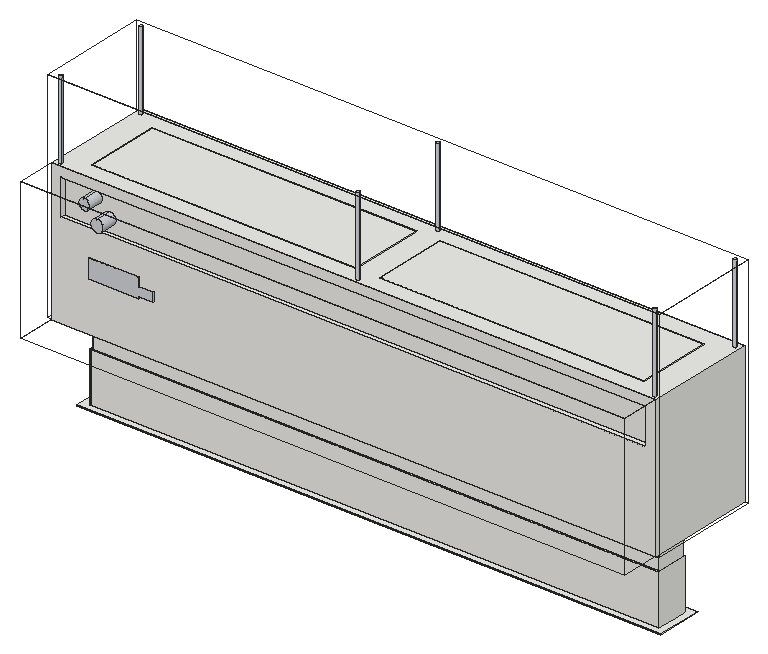
Revit family "AIRTECNICS_AIR CURTAIN_INVISAIR_DX-VRF_(LG)123", category Mechanical Equipment, Revit 2016
Family settings
  Part Type = Normal
  Round Connector Dimension = Use Diameter
  OmniClass Number = 23.75.70.21.17
  OmniClass Title = Air Curtains
  Work Plane-Based = No
  Always vertical = Yes
  Cut with Voids When Loaded = No
  Shared = No
  Room Calculation Point = No
Parameters (values of type "IECG 1500 DX15-LG")
  · POSITION · [instance] = "-/ Select Curtain Position /-"  # constant formula
  · PIPES POSITION · [instance] = "-/ Select Pipes Position /-"  # constant formula
  · OTHERS · [instance] = "-/ Select Supports - Inst.Maint. Space /-"  # constant formula
  · KITS CONFIGURATION · [instance] = "-/ Configure Length Kit /-"  # constant formula
  · HEATING · = "-/ Select Heating /-"  # constant formula
  · EXTERNAL UNIT · [instance] = "-/ Select External Unit Type /-"  # constant formula
  · COIL ROWS · = "-/ Select DX Coil Rows /-"  # constant formula
  Weight [instance] = size_lookup(Name_Lookup_Data, "Weight", 1.00 kg, CM, CT, CH, CR)  # 69.00 kg
  Voltage [instance] = 230 V  # constant formula
  URL_Manufacturer = "https://www.airtecnics.com/"
  URL_Datasheet = "https://www.airtecnics.com/download/file/5871/invisair-dx-lg-1-1-and-vrf.pdf"
  Triple Phase (External Ut.) [instance] = no
  Supports Length [instance] = 200.0 mm
  Supports (Horizontal) [instance] = yes
  Special Installation [instance] = no
  Single Phase (External Ut.) [instance] = not([Triple Phase (External Ut.)])  # yes
  Revit Version = "Revit 2016 - English"  # constant formula
  Review Date = "11/2018"  # constant formula
  Remote Control = "-"  # constant formula
  URL = "https://www.airtecnics.com/products/heat-pump-air-curtain-invisair-dx-for-lg"
  Refrigerant Pipes_P4 [instance] = no
  Refrigerant Pipes_P3 [instance] = no
  Refrigerant Pipes_P2 (Stn) [instance] = if(or(Refrigerant Pipes_P1, Refrigerant Pipes_P3, Refrigerant Pipes_P4), 1 = 0, 1 = 1)  # yes
  Refrigerant Pipes_P1 [instance] = no
  Product Size = if(L = 1500.0 mm, "1500", if(L = 2000.0 mm, "2000", "2500"))  # "1500"
  Product Reference [instance] = size_lookup(Name_Lookup_Ref, "", "Consult Manufacturer", CM, CT, CH, CR)  # "IECG 1500 DX15-LG"
  Product Heating [instance] = if(DX 1:1, "Direct Expansion 1:1 system", "Direct Expansion VRF system")  # "Direct Expansion 1:1 system"
  Product Description [instance] = size_lookup(Name_Lookup_Data, "", "Consult Manufacturer", CM, CT, CH, CR)  # "Energy saving heat pump air curtain: Up to 70% reduction in costs and CO2 emissions (heating mode).\r\nSpecially designed for applications where the body of the air curtain is to be installed inside a column or bulkhead for architectural reasons. It can be vertically or horizontally mounted.\r\nSelf-supporting casing construction made of galvanized steel plate, finished in structural epoxy-polyester painting white colour RAL9016 as standard. Other colours or stainless steel are available on request. \r\nThe air flow of Invisair follows a straight line from the air inlet grille to the to the discharge. Inlet area inside a bulkhead or column should be designed with suitable grille provided by others.\r\nAnodized aluminium outlet vanes, airfoil shaped, adjustable from 0 to 15º each side.\r\nDouble-inlet centrifugal fans driven by an external rotor motor and low noise level. 5-speed selector. EC models assembled with very low consumption efficiency fans. \r\nIncludes only heating direct expansion coil with installed temperature sensors.\r\nPlug&Play control panel CS-5DX-NE slave DX with 5 speeds selector and 7m telephone cable included.\r\nReady to connect to LG Inverter outdoor heat pump unit (R410A) with expansion valve, not included, the customer should purchase it.\r\nRequires PAHCMRA000 LG DX Interface KIT adapted for air curtain and PREMTB001 programmable control, please consult.\r\nAir Volume: 2920 m3/h \r\nFans:  0,284 kW  2,48 A 230Vx1 50/60Hz\r\nHeating capacity: 15,32 kW\r\nDimensions: 285x570/620x1550 mm (depth, height, length), including telescopic outlet for easy installation.\r\nNOT SUPPLIED BY AIRTÈCNICS:\r\nPAHCMRA000 Interface DX kit and PREMTB001 programmable control.\r\nExternal unit:\r\nOption 1: UU48W U32\r\nExternal unit with direct expansion valve LG, single phase motor 230Vx1 50Hz.\r\nHeating capacity 15,4kW. Heating power: 4,39kW. COP 3,5.\r\nCooling capacity 14kW. Cooling power 4,1kW. EER 3,41.\r\nCooling circuits 5/8\" - 3/8\".\r\nMinimum length 5m.\r\nMaximum length 75m.\r\nMaximum slope 30m.\r\nOption 2: UU49W U32\r\nExternal unit with direct expansion valve LG, triple phase motor 400Vx3 50Hz.\r\nHeating capacity 15,4kW. Heating power: 4,39kW. COP 3,5.\r\nCooling capacity 14kW. Cooling power 4,1kW. EER 3,41.\r\nCooling circuits 5/8\" - 3/8\".\r\nMinimum length 5m.\r\nMaximum length 75m.\r\nMaximum slope 30m."
  Power Fans Factor [instance] = size_lookup(Name_Lookup_Data, "Power Fans Factor", 1, CM, CT, CH, CR)  # 0.5
  Power Fans [instance] = size_lookup(Name_Lookup_Data, "Power Fans", 1 kW, CM, CT, CH, CR)  # 0.284 kW
  P = 1 = 1  # yes
  Outlet Kit Length [instance] = 210.0 mm
  Noise Level (dB(A)) [instance] = size_lookup(Name_Lookup_Data, "Noise Level (dB(A))", 1, CM, CT, CH, CR)  # 62
  Name_Lookup_Ref_EU = "INVISAIR_(DX)_LG_Ref_EU_Lookup"  # constant formula
  Name_Lookup_Ref = "INVISAIR_(DX)_LG_Ref_Lookup"  # constant formula
  Name_Lookup_Data3 = "INVISAIR_(DX)_LG_Mainfolds_Lookup"  # constant formula
  Name_Lookup_Data2 = "INVISAIR_(DX)_LG_ExpValve_Lookup"  # constant formula
  Name_Lookup_Data = "INVISAIR_(DX)_LG_Data_Lookup"  # constant formula
  Model = "Air Curtain Invisair DX/VRF LG"  # constant formula
  Material Grille = AIRTECNICS_Perforated_Invisair_White RAL 9016
  Material Curtain [instance] = AIRTECNICS_White RAL 9016
  Mainfolds [instance] = size_lookup(Name_Lookup_Data3, "", "Consult Manufacturer", CM, CT, CH, CR)  # "5/8 & 3/8"
  Length = if(L > 1500.0 mm, L + 55.0 mm, L + 50.0 mm)  # 1550.0 mm
  Kits Range [instance] = "Min. 210 mm / Max. 260 mm"  # constant formula
  Height [instance] = 570.0 mm + Outlet Kit Length - 210.0 mm + Depth - Depth  # 570.0 mm
  Heating Capacity [instance] = size_lookup(Name_Lookup_Data, "Heating Capacity", 1 kW, CM, CT, CH, CR)  # 15.32 kW
  Gas Coil Volume [instance] = size_lookup(Name_Lookup_Data, "Gas Coil Volume", 1.00 m³, CM, CT, CH, CR)  # 0.003 m³
  G = 1 = 1  # yes
  Frequency = 50 Hz  # constant formula
  Fans Stage = 5  # constant formula
  Family Version = "1.0"  # constant formula
  External Ut. Reference [instance] = size_lookup(Name_Lookup_Ref_EU, "", "Consult Manufacturer", CM, CT, CH, CR, CEU)  # "UU48W U32"
  Expansion Valve [instance] = size_lookup(Name_Lookup_Data2, "", "Consult Manufacturer", CM, CT, CH, CR)  # "Included on External Unit"
  EC = 1 = 1  # yes
  Dn_Metric_Refrig_Liquid [instance] = size_lookup(Name_Lookup_Data3, "Dn_Liquid", 1 mm, CM, CT, CH, CR)  # 10 mm
  Dn_Metric_Refrig_Gas [instance] = size_lookup(Name_Lookup_Data3, "Dn_Gas", 1 mm, CM, CT, CH, CR)  # 16 mm
  Depth = 285.0 mm  # constant formula
  DX VRF = not(DX 1:1)  # no
  DX Kit [instance] = "PAHCMR000"  # constant formula
  DX Controller [instance] = "PREMTB001"  # constant formula
  DX Coil Rows = 4 = yes
  DX Coil Rows = 3 = not([DX Coil Rows = 4])  # no
  DX 1:1 = yes
  Current Fans [instance] = size_lookup(Name_Lookup_Data, "Current Fans", 1 A, CM, CT, CH, CR)  # 2.48 A
  Created by = "BIMETRICAL"  # constant formula
  Control [instance] = "CS-5DX-NE"  # constant formula
  Capacity_Frig_Liquid [instance] = 0.0 L/s
  Capacity_Frig_Gas [instance] = 0.0 L/s
  Cable = "CB7"  # constant formula
  CT [instance] = if(L = 1000.0 mm, 2, 0) + if(L = 1500.0 mm, 4, 0) + if(L = 2000.0 mm, 8, 0) + if(L = 2500.0 mm, 16, 0) + if(L = 3000.0 mm, 32, 0)  # 4
  CR [instance] = if([DX Coil Rows = 3], 4, 2)  # 2
  CM [instance] = 12  # constant formula
  CH [instance] = if(DX 1:1, 2, 4)  # 2
  CEU [instance] = if([Single Phase (External Ut.)], 2, 4)  # 2
  Aspiration/Maintenance Space [instance] = yes
  Apparent Load [instance] = size_lookup(Name_Lookup_Data, "Apparent Load", 1 VA, CM, CT, CH, CR)  # 568 VA
  Airflow [instance] = size_lookup(Name_Lookup_Data, "Airflow", 1 m³/h, CM, CT, CH, CR)  # 2920 m³/h
  L = 1500.0 mm
  Type Image = <None>
  IfcExportType = "DXCOOLINGCOIL"  # constant formula
  IfcExportAs = "IfcCoilType"  # constant formula
  Horizontal [instance] = 1 = 1  # yes
  Manufacturer = "AIRTECNICS"  # constant formula
  Description = ""
  Type Comments = "Energy saving heat pump air curtain: Up to 70% reduction in costs and CO2 emissions (heating mode).\r\nSpecially designed for applications where the body of the air curtain is to be installed inside a column or bulkhead for architectural reasons. It can be vertically or horizontally mounted.\r\nSelf-supporting casing construction made of galvanized steel plate, finished in structural epoxy-polyester painting white colour RAL9016 as standard. Other colours or stainless steel are available on request. \r\nThe air flow of Invisair follows a straight line from the air inlet grille to the to the discharge. Inlet area inside a bulkhead or column should be designed with suitable grille provided by others.\r\nAnodized aluminium outlet vanes, airfoil shaped, adjustable from 0 to 15º each side.\r\nDouble-inlet centrifugal fans driven by an external rotor motor and low noise level. 5-speed selector. EC models assembled with very low consumption efficiency fans. \r\nIncludes only heating direct expansion coil with installed temperature sensors.\r\nPlug&Play control panel CS-5DX-NE slave DX with 5 speeds selector and 7m telephone cable included.\r\nDX 1:1:\r\nReady to connect to LG Inverter outdoor heat pump unit (R410A) with expansion valve, not included, the customer should purchase it.\r\nRequires  LG DX Interface KIT adapted for air curtain and  programmable control, please consult.\r\nDX VRF:\r\nReady to connect to LG VRF outdoor heat pump unit (R410A) and  expansion valve not included, the customer should purchase it.\r\nRequires  LG VRF Interface KIT adapted for air curtain and  programmable control, please consult."  # constant formula
  BIMETRICAL Category = "Coil"  # constant formula
  BIMETRICAL = "http://www.bimetrical.com"  # constant formula
Reference planes
  plane 1 "Centro (Frontal/Posterior)": z = 0
  plane 2: y = 246.57
  plane 3 "Centro (Izquierda/Derecha)": x = 0
Dimensions and locks
  aligned and locked: plane 1 "Centro (Frontal/Posterior)" to nested 1
Nested families
  nested 1: "GEOM_INVISAIR_(DX)" at (0, 246.57, 0), Outlet Kit Lenght <- "Outlet Kit Length", Supports (Horizontal) <- "Supports (Horizontal)", Aspiration/Maintenance Space <- "Aspiration/Maintenance Space", P1 <- "Refrigerant Pipes_P1", P3 <- "Refrigerant Pipes_P3", P4 <- "Refrigerant Pipes_P4", SPCI <- "Special Installation", type "GEOM_INVISAIR_(DX)"
    with Vertical Right no, Vertical Left no, VSUP yes, VPE no, VPD no, Supports (Horizontal) yes, STNI yes, SPCI no, P4 no, P3 no, P2 yes, P1 no, Outlet Kit Lenght 210.0 mm, OKL 210.0 mm, L3 10.0 mm, L2 10.0 mm, L1 176.22 mm, Horizontal yes, C_P 2, C_L 2, CH_4 235.0 mm, CH_3 37.0 mm, CH_2 139.0 mm, CH_1 275.86 mm, CC_4 50.0 mm, CC_3 221.89 mm, CC_2 106.0 mm, CC_1 313.83 mm, Aspiration/Maintenance Space yes, AH -90.00°, AC -90.00°
Connectors
  piping at (-669, 77.18, 313.889), diameter 10, driven by "Capacity_Frig_Liquid", driven by "Dn_Metric_Refrig_Liquid"
    settings: on nested 1, index 1, connector inside diameter 609.6 mm, connector length 0.0 mm, flow factor 0, pipe flow 0.0 L/s, pressure drop 0.0 Pa, fitting loss kfactor 0, connector angle 0.00°, fixture units 0, engagement length 0.0 mm, angle of deflection 0.00°, flow configuration 1, flow direction 2, fitting loss method 0, system type 8, joint type 0, gender type 0, connector reference index -1, connector utility 0, adjustable connector no, is connector primary yes, connector description "Out"
  piping at (-636, 77.07, 275.86), diameter 16, driven by "Capacity_Frig_Gas", driven by "Dn_Metric_Refrig_Gas"
    settings: on nested 1, index 2, connector inside diameter 609.6 mm, connector length 0.0 mm, flow factor 0, pipe flow 0.0 L/s, pressure drop 0.0 Pa, fitting loss kfactor 0, connector angle 0.00°, fixture units 0, engagement length 0.0 mm, angle of deflection 0.00°, flow configuration 1, flow direction 1, fitting loss method 0, system type 7, joint type 0, gender type 0, connector reference index -1, connector utility 0, adjustable connector no, is connector primary no, connector description "In"
  electrical at (-572.625, 103.07, 148.65), driven by "Voltage", driven by "Apparent Load", driven by "Power Fans Factor"
    settings: on nested 1, index 3, voltage 230 V, apparent load 568 VA, apparent load phase1 0 VA, apparent load phase2 0 VA, apparent load phase3 0 VA, power factor 0.5, load classification "Lighting", number of poles 1, system type 30, power factor state 1, is connector primary yes, connector utility no, sub classification motor no, connector description ""
Definition of nested family "GEOM_INVISAIR_(DX)"
  Parameters (values of type "GEOM_INVISAIR_(DX)")
    Vertical Right [instance] = 1 = 0  # no
    Vertical Left [instance] = 1 = 0  # no
    VSUP [instance] = if(and(Horizontal, [Supports (Horizontal)]), 1 = 1, 1 = 0)  # yes
    VPE [instance] = Vertical Left  # no
    VPD [instance] = Vertical Right  # no
    Supports Length = 200.0 mm
    Supports (Horizontal) [instance] = yes
    STNI [instance] = not(SPCI)  # yes
    SPCI [instance] = no
    Revit Version = "Revit 2016 - English"  # constant formula
    Review Date = "11/2018"  # constant formula
    P4 [instance] = yes
    P3 [instance] = no
    P2 [instance] = not(or(P1, P3, P4))  # no
    P1 [instance] = no
    P = 1 = 1  # yes
    Outlet Kit Lenght [instance] = 210.0 mm
    OKL [instance] = if(Outlet Kit Lenght > 260.0 mm, 260.0 mm, if(Outlet Kit Lenght < 210.0 mm, 210.0 mm, Outlet Kit Lenght))  # 210.0 mm
    Name_CH = "CH_Dimensions_Lookup"  # constant formula
    Name_CC = "CC_Dimensions_Lookup"  # constant formula
    Model = "INVISAIR (DX)"  # constant formula
    Material Grille = none
    Material Curtain = none
    Manufacturer = "AIRTECNICS"  # constant formula
    L_sup = if(Supports Length = 0.0 mm, 1.0 mm, Supports Length)  # 200.0 mm
    L6 = 0.0 mm  # constant formula
    L5 = 0.0 mm  # constant formula
    L4 = 0.0 mm  # constant formula
    L3 [instance] = if(and(P, P4), 100.0 mm, 10.0 mm)  # 100.0 mm
    L2 [instance] = if(and(P, P1), 100.0 mm, 10.0 mm)  # 10.0 mm
    L1 [instance] = if(STNI, 176.22 mm, 108.78 mm)  # 176.22 mm
    L* = if(L < 2000.0 mm, L + 50.0 mm, L + 55.0 mm)  # 1550.0 mm
    L = 1500.0 mm
    Horizontal [instance] = 1 = 1  # yes
    Family Version = "1.0"  # constant formula
    Default Elevation = 1219.2 mm
    D_P = 20.00 mm
    Created by = "BIMETRICAL"  # constant formula
    C_P [instance] = if(P1, 1, 0) + if(P2, 2, 0) + if(P3, 4, 0) + if(P4, 8, 0)  # 8
    C_L [instance] = if(L = 1500.0 mm, 2, 0) + if(L = 2000.0 mm, 4, 0) + if(L = 2500.0 mm, 8, 0)  # 2
    CH_4 [instance] = size_lookup(Name_CH, "CH_4", 235.0 mm, C_L, C_P)  # 50.0 mm
    CH_3 [instance] = size_lookup(Name_CH, "CH_3", 37.0 mm, C_L, C_P)  # 106.0 mm
    CH_2 [instance] = size_lookup(Name_CH, "CH_2", 139.0 mm, C_L, C_P)  # 1444.0 mm
    CH_1 [instance] = size_lookup(Name_CH, "CH_1", 275.86 mm, C_L, C_P)  # 277.52 mm
    CC_4 [instance] = size_lookup(Name_CC, "CC_4", 50.0 mm, C_L, C_P)  # 235.0 mm
    CC_3 [instance] = size_lookup(Name_CC, "CC_3", 221.89 mm, C_L, C_P)  # 139.17 mm
    CC_2 [instance] = size_lookup(Name_CC, "CC_2", 106.0 mm, C_L, C_P)  # 1410.83 mm
    CC_1 [instance] = size_lookup(Name_CC, "CC_1", 313.86 mm, C_L, C_P)  # 307.52 mm
    BIMETRICAL = "http://www.bimetrical.com/"  # constant formula
    B1 = 0.0 mm  # constant formula
    B = 0.0 mm  # constant formula
    Aspiration/Maintenance Space [instance] = yes
    AH [instance] = size_lookup(Name_CH, "AH", 90.00°, C_L, C_P)  # 180.00°
    AC [instance] = size_lookup(Name_CC, "AC", 90.00°, C_L, C_P)  # 180.00°
    A = 0.0 mm  # constant formula
  Reference planes
    plane 1 "Centro (Frontal/Posterior)": y = 0
    plane 2: z = 0
    plane 3 "Centro (Izquierda/Derecha)": x = 0
    plane 4: y = 142.5
    plane 5: y = -142.5
    plane 6: x = -775
    plane 7: x = 775
    plane 8: z = 360
    plane 9: x = -751
    plane 10: x = 751
    plane 11: z = 337
    plane 12: x = -708
    plane 13: x = 708
    plane 14: x = 30
    plane 15: x = -30
    plane 16: y = -96.75
    plane 17: y = 96.75
    plane 18: z = 307.52
    plane 19: z = 277.52
    plane 20: x = 635.83
    plane 21: x = 669
    plane 22: y = -92.5
    plane 23: y = 92.5
    plane 24: x = -762.5
    plane 25: x = 762.5
    plane 26: y = 128.5
    plane 27: y = -128.5
  Forms (mm)
    Extrusion 1, solid, material <- "Material Curtain"
      sketch origin (-1376.546, -1524, 270) x (-1, 0, 0) y (0, -1, 0)
        loop
          line (-601.546, -1666.5) -> (-601.546, -1381.5) -> (-2151.546, -1381.5) -> (-2151.546, -1666.5) -> (-601.546, -1666.5)
      from -270 to 90
    Extrusion 2, void
      sketch origin (-1776.211, -142.5, 1200) x (1, 0, 0) y (0, 0, -1)
        loop
          line (1025.211, 863) -> (2527.211, 863) -> (2527.211, 956) -> (1025.211, 956) -> (1025.211, 863)
      from 13 to 0
    Extrusion 3, void
      sketch origin (-1504.338, -1524, 360) x (-1, 0, 0) y (0, -1, 0)
        loop
          line (-796.338, -1620.75) -> (-796.338, -1427.25) -> (-1474.338, -1427.25) -> (-1474.338, -1620.75) -> (-796.338, -1620.75)
        loop
          line (-1534.338, -1620.75) -> (-1534.338, -1427.25) -> (-2212.338, -1427.25) -> (-2212.338, -1620.75) -> (-1534.338, -1620.75)
      from 0 to -13
    Extrusion 4, solid, material <- "Material Grille"
      sketch origin (-1504.338, -1524, 360) x (-1, 0, 0) y (0, -1, 0)
        loop
          line (-796.338, -1620.75) -> (-796.338, -1427.25) -> (-1474.338, -1427.25) -> (-1474.338, -1620.75) -> (-796.338, -1620.75)
        loop
          line (-1534.338, -1620.75) -> (-1534.338, -1427.25) -> (-2212.338, -1427.25) -> (-2212.338, -1620.75) -> (-1534.338, -1620.75)
      from 0 to -2
    Extrusion 5, solid
      sketch origin (-1776.211, -142.5, 1200) x (-1, 0, 0) y (0, 0, -1)
        loop
          line (-1226.124, 1071.5) -> (-1226.298, 1067.5) -> (-1263.211, 1067.5) -> (-1263.211, 1044.2) -> (-1226.211, 1044.2) -> (-1226.211, 1022.2) -> (-1098.711, 1022.2) -> (-1098.711, 1071.5) -> (-1226.124, 1071.5)
      from 0 to 1
    Extrusion 6, solid, visible <- "P"
      sketch origin (775, -92.5, 307.52) x (0, 0, 1) y (0, -1, 0)
        loop
          circle (0.059, 0) r 13.5
      from 0 to 40
    Extrusion 7, solid, visible <- "P"
      sketch origin (775, 92.5, 278.518) x (0, 0, 1) y (0, -1, 0)
        loop
          circle (-0.998, 0) r 15.5
      from 0 to 40
    Extrusion 8, solid, visible <- "Aspiration/Maintenance Space"
      sketch origin (-1776.211, -142.5, 1200) x (-1, 0, 0) y (0, 0, -1)
        loop
          line (-1001.211, 1200) -> (-1001.211, 840) -> (-2551.211, 840) -> (-2551.211, 1200) -> (-2651.211, 1200) -> (-2651.211, 640) -> (-991.211, 640) -> (-991.211, 1200) -> (-1001.211, 1200)
      from 0 to -285
    Extrusion 9, solid, visible <- "Aspiration/Maintenance Space"
      sketch origin (-1776.211, -142.5, 1200) x (-1, 0, 0) y (0, 0, -1)
        loop
          line (-1001.211, 840) -> (-1001.211, 1200) -> (-2551.211, 1200) -> (-2551.211, 840) -> (-1001.211, 840)
      from 0 to 100
    Extrusion 10, solid, visible <- "VSUP"
      sketch origin (-1504.338, -1524, 360) x (-1, 0, 0) y (0, -1, 0)
        loop
          circle (-741.838, -1652.5) r 4
        loop
          circle (-741.838, -1395.5) r 4
        loop
          circle (-1504.338, -1395.5) r 4
        loop
          circle (-1504.338, -1652.5) r 4
        loop
          circle (-2266.838, -1652.5) r 4
        loop
          circle (-2266.838, -1395.5) r 4
      from -1 to 200
  Cuts and joins
    Extrusion 2, Extrusion 3 cuts Extrusion 1
  Lines and regions (mm)
    reference lines
      curve 1: line (635.83, -92.5, 307.52) -> (775, -92.5, 307.52)
      curve 2: line (669, 92.5, 277.52) -> (775, 92.5, 277.52)
    symbolic lines
      curve 3: line (-775, 142.5, 277.52) -> (775, 142.5, 277.52)
      curve 4: line (-775, -142.5, 277.52) -> (-775, 142.5, 277.52)
      curve 5: line (775, -142.5, 277.52) -> (-775, -142.5, 277.52)
      curve 6: line (775, 142.5, 277.52) -> (775, -142.5, 277.52)
      curve 7: line (-721, -15.69, 277.52) -> (721, -15.69, 277.52)
      curve 8: line (-721, -23.386, 277.52) -> (-721, -15.69, 277.52)
      curve 9: line (721, -23.386, 277.52) -> (-721, -23.386, 277.52)
      curve 10: line (721, -15.69, 277.52) -> (721, -23.386, 277.52)
      curve 11: line (721, -44.054, 277.52) -> (-721, -44.054, 277.52)
      curve 12: line (721, -51.746, 277.52) -> (721, -44.054, 277.52)
      curve 13: line (-721, -51.746, 277.52) -> (721, -51.746, 277.52)
      curve 14: line (-721, -44.054, 277.52) -> (-721, -51.746, 277.52)
    symbolic lines, visible <- "Aspiration/Maintenance Space"
      curve 15: line (-775, 142.5, 277.52) -> (-785, 142.5, 277.52)
      curve 16: line (-785, 142.5, 277.52) -> (-785, -142.5, 277.52)
      curve 17: line (-785, -142.5, 277.52) -> (-775, -142.5, 277.52)
      curve 18: line (775, 142.5, 277.52) -> (875, 142.5, 277.52)
      curve 19: line (875, 142.5, 277.52) -> (875, -142.5, 277.52)
      curve 20: line (875, -142.5, 277.52) -> (775, -142.5, 277.52)
      curve 21: line (-775, -142.5, 277.52) -> (-775, -242.5, 277.52)
      curve 22: line (-775, -242.5, 277.52) -> (775, -242.5, 277.52)
      curve 23: line (775, -242.5, 277.52) -> (775, -142.5, 277.52)
      curve 24: line (-775, -142.5, 0) -> (-785, -142.5, 0)
      curve 25: line (-785, -142.5, 0) -> (-785, -142.5, 560)
      curve 26: line (-785, -142.5, 560) -> (875, -142.5, 560)
      curve 27: line (875, -142.5, 560) -> (875, -142.5, 0)
      curve 28: line (875, -142.5, 0) -> (775, -142.5, 0)
      curve 29: line (-775, -142.5, 0) -> (-775, -242.5, 0)
      curve 30: line (-775, -242.5, 0) -> (-775, -242.5, 360)
      curve 31: line (-775, -242.5, 360) -> (-775, -142.5, 360)
      curve 32: line (-775, -142.5, 360) -> (-775, -142.5, 560)
      curve 33: line (-775, -142.5, 560) -> (-775, 142.5, 560)
      curve 34: line (-775, 142.5, 560) -> (-775, 142.5, 360)
  Dimensions and locks
    equal spacing: plane 5, plane 1 "Centro (Frontal/Posterior)", plane 4
    locked: plane 5 to plane 4 at 285
    equal spacing: plane 6, plane 3 "Centro (Izquierda/Derecha)", plane 7
    "L*": plane 6 to plane 7
    locked: plane 8 to plane 2 at 360
    locked: plane 9 to plane 6 at 24
    locked: plane 10 to plane 7 at 24
    locked: plane 8 to plane 11 at 23
    locked: plane 6 to plane 12 at 67
    plane 13 to plane 7 = 67.0 mm
    plane 3 "Centro (Izquierda/Derecha)" to plane 14 = 30.0 mm
    plane 3 "Centro (Izquierda/Derecha)" to plane 15 = 30.0 mm
    locked: plane 16 to plane 5 at 45.75
    locked: plane 17 to plane 4 at 45.75
    locked: plane 11 to Extrusion 2 sketch curve at 93
    "CC_1": plane 18 to level
    "CH_1": plane 19 to level
    "CC_2": plane 20 to plane 6
    "CH_2": plane 21 to plane 6
    "CC_4": plane 4 to plane 22
    "CH_4": plane 4 to plane 23
    "CC_3": curve 1 to curve 1
    "CH_3": curve 2 to curve 2
    locked: level to nested 1 at 0
    "L1": plane 4 to nested 1
    "L2": plane 6 to Extrusion 8 sketch curve
    "L3": plane 7 to Extrusion 8 sketch curve
    locked: plane 6 to plane 24 at 12.5
    locked: plane 25 to plane 7 at 12.5
    locked: plane 4 to plane 26 at 14
    locked: plane 5 to plane 27 at 14
    "Supports Length": Extrusion 10 to plane 8
    locked: Extrusion 5 sketch curve to plane 6 at 97.5
    locked: Extrusion 5 sketch curve to plane 6 at 262
    Extrusion 9 to plane 20 = 1410.83 mm
    Extrusion 9 to plane 21 = 106.0 mm
    diameter of Extrusion 7 sketch curve = 31.0 mm
    diameter of Extrusion 6 sketch curve = 27.0 mm
    "AC": angle curve 1 to plane 22
    "AH": angle curve 2 to plane 23
    aligned and locked: level to plane 2
    aligned and locked: Extrusion 1 sketch curve to plane 4
    aligned and locked: plane 6 to Extrusion 1 sketch curve
    aligned and locked: Extrusion 1 sketch curve to plane 5
    aligned and locked: plane 7 to Extrusion 1 sketch curve
    aligned and locked: Extrusion 1 to level
    aligned and locked: plane 8 to Extrusion 1
    aligned and locked: plane 9 to Extrusion 2 sketch curve
    aligned and locked: plane 10 to Extrusion 2 sketch curve
    aligned and locked: plane 5 to cut or joined group of Extrusion 1, Extrusion 2, Extrusion 3
    aligned and locked: plane 17 to Extrusion 3 sketch curve  (x2)
    aligned and locked: plane 12 to Extrusion 3 sketch curve
    aligned and locked: plane 16 to Extrusion 3 sketch curve  (x2)
    aligned and locked: Extrusion 3 sketch curve to plane 15
    aligned and locked: Extrusion 3 sketch curve to plane 14
    aligned and locked: plane 13 to Extrusion 3 sketch curve
    aligned and locked: plane 12 to Extrusion 4 sketch curve
    aligned and locked: plane 17 to Extrusion 4 sketch curve
    aligned and locked: plane 13 to Extrusion 4 sketch curve
    aligned and locked: Extrusion 4 sketch curve to plane 14
    aligned and locked: Extrusion 4 sketch curve to plane 15
    aligned and locked: plane 22 to curve 1
    aligned and locked: plane 20 to curve 1
    aligned and locked: plane 23 to curve 2
    aligned and locked: plane 21 to curve 2
    aligned and locked: Extrusion 5 to plane 5
    aligned and locked: curve 3 to cut or joined group of Extrusion 1, Extrusion 2, Extrusion 3
    aligned and locked: curve 4 to cut or joined group of Extrusion 1, Extrusion 2, Extrusion 3
    aligned and locked: curve 5 to cut or joined group of Extrusion 1, Extrusion 2, Extrusion 3
    aligned and locked: curve 6 to cut or joined group of Extrusion 1, Extrusion 2, Extrusion 3
    aligned and locked: curve 8 to nested 1
    aligned and locked: curve 9 to nested 1
    aligned and locked: curve 10 to nested 1
    aligned and locked: curve 11 to nested 1
    aligned and locked: curve 12 to nested 1
    aligned and locked: curve 13 to nested 1
    aligned and locked: curve 14 to nested 1
    aligned and locked: Extrusion 9 sketch curve to cut or joined group of Extrusion 1, Extrusion 2, Extrusion 3  (x2)
    aligned and locked: curve 19 to Extrusion 8
    aligned and locked: curve 22 to Extrusion 9
    aligned and locked: Extrusion 9 to plane 6
    aligned and locked: curve 27 to Extrusion 8
    aligned and locked: plane 24 to Extrusion 10 sketch curve
    aligned and locked: plane 26 to Extrusion 10 sketch curve  (x3)
    aligned and locked: plane 27 to Extrusion 10 sketch curve  (x3)
    aligned and locked: plane 3 "Centro (Izquierda/Derecha)" to Extrusion 10 sketch curve
    aligned and locked: curve 25 to Extrusion 8
    aligned and locked: curve 16 to Extrusion 8
    aligned and locked: plane 7 to Extrusion 9 sketch curve
  Automatic sketch dimensions
    Extrusion 2 sketch curve to plane 11 = 0.0 mm
    plane 17 to Extrusion 4 sketch curve = 0.0 mm
    Extrusion 4 sketch curve to plane 16 = 0.0 mm  (x2)
    Extrusion 5 sketch curve to Extrusion 5 sketch curve = 36.913 mm
    Extrusion 5 sketch curve to Extrusion 5 sketch curve = 0.087 mm
    Extrusion 5 sketch curve to Extrusion 5 sketch curve = 0.175 mm
    Extrusion 5 sketch curve to level = 128.5 mm
    Extrusion 5 sketch curve to Extrusion 5 sketch curve = 4.0 mm
    Extrusion 5 sketch curve to Extrusion 5 sketch curve = 23.3 mm
    Extrusion 5 sketch curve to Extrusion 5 sketch curve = 49.3 mm
    curve 8 to curve 8 = 7.696 mm
    Extrusion 9 sketch curve to level = 0.0 mm
    curve 28 to level = 0.0 mm
    plane 7 to curve 28 = 0.0 mm
    curve 24 to plane 6 = 0.0 mm
    curve 25 to level = 0.0 mm
    curve 26 to plane 8 = 200.0 mm
    Extrusion 10 sketch curve to plane 25 = 0.0 mm  (x2)
    Extrusion 10 sketch curve to plane 3 "Centro (Izquierda/Derecha)" = 0.0 mm
    Extrusion 10 sketch curve to plane 24 = 0.0 mm
    plane 18 to Extrusion 6 sketch curve = 0.059 mm
    Extrusion 7 sketch curve to plane 19 = 0.0 mm
    Extrusion 6 sketch curve to plane 22 = 0.0 mm
    Extrusion 7 sketch curve to plane 23 = 0.0 mm
    curve 30 to plane 8 = 0.0 mm
    curve 29 to plane 5 = 0.0 mm
    curve 31 to plane 5 = 0.0 mm
    curve 33 to plane 4 = 0.0 mm
    curve 34 to plane 8 = 0.0 mm
    curve 31 to curve 31 = 100.0 mm
    level to curve 30 = 0.0 mm
    plane 8 to curve 33 = 200.0 mm
    plane 7 to Extrusion 8 sketch curve = 0.0 mm
    Extrusion 8 sketch curve to level = 0.0 mm  (x2)
    Extrusion 8 sketch curve to plane 6 = 0.0 mm
    Extrusion 8 sketch curve to plane 8 = 0.0 mm
    Extrusion 8 sketch curve to plane 8 = 200.0 mm
    radius of Extrusion 10 sketch curve = 4.0 mm  (x6)
  Nested families
    nested 1: "GEOM_INVISAIR_OUTLET KIT" at (0, -280.29, -210), L <- "L", Outlet Kit Length <- "OKL", Material <- "Material Curtain", type "Outlet Kit"
      with Vi3 yes, Vi2 no, Vi1 yes, Outlet Kit Length 210.0 mm, Material none, L-45 1454.0 mm, L-39 1460.0 mm, L-2 1498.0 mm, L-16 1496.0 mm, L* 1550.0 mm, L 1500.0 mm
  Definition of nested family "GEOM_INVISAIR_OUTLET KIT"
    Parameters (values of type "Outlet Kit")
      Vi3 [instance] = yes
      Vi2 [instance] = if(L > 2200.0 mm, 1 = 1, 1 = 0)  # no
      Vi1 [instance] = if(L > 2200.0 mm, 1 = 0, 1 = 1)  # yes
      URL = "https://www.airtecnics.com/products/air-curtain-windbox-m-g"
      Revit Version = "Revit 2016 - English"  # constant formula
      Review Date = "10/18"  # constant formula
      Model = "Outlet Kit"  # constant formula
      Outlet Kit Length [instance] = 210.0 mm
      Material [instance] = none
      L-45 [instance] = [L*] - 96.0 mm  # 1454.0 mm
      L-39 [instance] = [L*] - 90.0 mm  # 1460.0 mm
      L-2 [instance] = [L*] - 52.0 mm  # 1498.0 mm
      L-16 [instance] = [L*] - 54.0 mm  # 1496.0 mm
      Type Image = (empty or 0)
      Manufacturer = "AIRTECNICS"  # constant formula
      Li1 = 1.0 mm
      L* [instance] = if(L < 2000.0 mm, L + 50.0 mm, L + 55.0 mm)  # 1550.0 mm
      L [instance] = 1500.0 mm
      Family Version = "1.0"  # constant formula
      Description = "AIRTECNICS_Air curtain Windbox M,G"  # constant formula
      Type Comments = ""
      Default Elevation = 1219.2 mm
      Created by = "BIMETRICAL"  # constant formula
      BIMETRICAL Category = "Fan"  # constant formula
      BIMETRICAL = "http://www.bimetrical.com/"  # constant formula
    Reference planes
      plane 1 "Centro (Frontal/Posterior)": z = 0
      plane 2: y = 246.57
      plane 3 "Centro (Izquierda/Derecha)": x = 0
      plane 4: x = -775
      plane 5: x = 775
      plane 6: x = -749
      plane 7: x = 749
      plane 8: x = -730
      plane 9: x = 730
      plane 10: x = 727
      plane 11: x = -727
      plane 12: z = 1
      plane 13: y = 205.57
      plane 14: y = 194.57
      plane 15: y = 284.07
      plane 16: y = 298.57
      plane 17: y = 209.07
      plane 18: y = 287.57
      plane 19: z = 209
      plane 20: z = 210
      plane 21: z = 109.617
      plane 22: z = 130
      plane 23: y = 187.07
      plane 24: y = 306.07
      plane 25: x = -748
      plane 26: x = 748
      plane 27: x = -721
      plane 28: x = 721
      plane 29: x = -242.333
      plane 30: x = 242.333
    Forms (mm)
      Extrusion 1, solid, material <- "Material"
        sketch origin (0, -0.907, 0) x (0, 1, 0) y (0, 0, 1)
          loop
            arc (237.142, 59.981) -> (233.296, 64) -> (229.45, 59.981) r 3.85
            line (229.45, 59.981) -> (231.847, 5.386)
            arc (231.847, 5.386) -> (233.296, 4) -> (234.745, 5.386) r 1.45
            line (234.745, 5.386) -> (237.142, 59.981)
          loop
            arc (265.503, 59.981) -> (261.656, 64) -> (257.81, 59.981) r 3.85
            line (257.81, 59.981) -> (260.208, 5.386)
            arc (260.208, 5.386) -> (261.656, 4) -> (263.105, 5.386) r 1.45
            line (263.105, 5.386) -> (265.503, 59.981)
        from -721 to 721
      Extrusion 2, solid, material <- "Material"
        sketch origin (0, 0, 0) x (1, 0, 0) y (0, 1, 0)
          loop
            line (-749, 306.07) -> (-749, 187.07) -> (749, 187.07) -> (749, 306.07) -> (-749, 306.07)
          loop
            line (-730, 205.57) -> (730, 205.57) -> (730, 287.57) -> (-730, 287.57) -> (-730, 205.57)
        from 0 to 1
      Extrusion 3, solid, material <- "Material", visible <- "Vi3"
        sketch origin (0, 0, 0) x (1, 0, 0) y (0, 1, 0)
          loop
            line (-730, 287.57) -> (-730, 205.57) -> (730, 205.57) -> (730, 287.57) -> (-730, 287.57)
          loop
            line (-729, 206.57) -> (729, 206.57) -> (729, 286.57) -> (-729, 286.57) -> (-729, 206.57)
        from 130 to 0
      Extrusion 4, solid, visible <- "Vi1", not visible
        sketch origin (-8, -340.372, 21.524) x (0, 1, 0) y (0, 0, 1)
          loop
            line (332.442, 36.84) -> (332.442, 4.84) -> (364.442, 4.84) -> (364.442, 36.84) -> (332.442, 36.84)
        from -1.5 to 4.5
      Extrusion 5, solid, visible <- "Vi1", not visible
        sketch origin (-4, -340.372, 2.371) x (0, 1, 0) y (0, 0, 1)
          loop
            line (310.942, 75.234) -> (310.942, 5.234) -> (385.942, 5.234) -> (385.942, 75.234) -> (310.942, 75.234)
        from 0.5 to 16.5
      Extrusion 6, solid, visible <- "Vi1", not visible
        sketch origin (-3.189, -340.372, 21.13) x (0, 1, 0) y (0, 0, 1)
          loop
            line (332.442, 37.234) -> (332.442, 5.234) -> (364.442, 5.234) -> (364.442, 37.234) -> (332.442, 37.234)
        from 15.689 to 21.689
      Extrusion 7, solid, visible <- "Vi1"
        sketch origin (-12.5, -101.872, 13.918) x (0, 1, 0) y (0, 0, 1)
          loop
            line (332.442, 36.84) -> (332.442, 4.84) -> (364.442, 4.84) -> (364.442, 36.84) -> (332.442, 36.84)
        from -1.5 to 4.5
      Extrusion 8, solid, visible <- "Vi1"
        sketch origin (-8.5, -101.872, -5.234) x (0, 1, 0) y (0, 0, 1)
          loop
            line (310.942, 75.234) -> (310.942, 5.234) -> (385.942, 5.234) -> (385.942, 75.234) -> (310.942, 75.234)
        from 0.5 to 16.5
      Extrusion 9, solid, visible <- "Vi1"
        sketch origin (-7.689, -101.872, 13.524) x (0, 1, 0) y (0, 0, 1)
          loop
            line (332.442, 37.234) -> (332.442, 5.234) -> (364.442, 5.234) -> (364.442, 37.234) -> (332.442, 37.234)
        from 15.689 to 21.689
      Extrusion 10, solid, visible <- "Vi2"
        sketch origin (-234.042, -101.872, 13.766) x (0, 1, 0) y (0, 0, 1)
          loop
            line (332.442, 36.993) -> (332.442, 4.993) -> (364.442, 4.993) -> (364.442, 36.993) -> (332.442, 36.993)
        from -22.292 to -16.292
      Extrusion 11, solid, visible <- "Vi2"
        sketch origin (-237.395, -101.872, -5.234) x (0, 1, 0) y (0, 0, 1)
          loop
            line (310.942, 75.234) -> (310.942, 5.234) -> (385.942, 5.234) -> (385.942, 75.234) -> (310.942, 75.234)
        from -12.939 to 3.061
      Extrusion 12, solid, visible <- "Vi2"
        sketch origin (-257.072, -101.872, 13.524) x (0, 1, 0) y (0, 0, 1)
          loop
            line (332.442, 37.234) -> (332.442, 5.234) -> (364.442, 5.234) -> (364.442, 37.234) -> (332.442, 37.234)
        from 22.739 to 28.739
      Extrusion 13, solid, visible <- "Vi2", not visible
        sketch origin (-404.625, -340.372, -84.071) x (0, 1, 0) y (0, 0, 1)
          loop
            line (332.442, 36.993) -> (332.442, 4.993) -> (364.442, 4.993) -> (364.442, 36.993) -> (332.442, 36.993)
        from -22.292 to -16.292
      Extrusion 14, solid, visible <- "Vi2", not visible
        sketch origin (-407.978, -340.372, -103.071) x (0, 1, 0) y (0, 0, 1)
          loop
            line (310.942, 75.234) -> (310.942, 5.234) -> (385.942, 5.234) -> (385.942, 75.234) -> (310.942, 75.234)
        from -12.939 to 3.061
      Extrusion 15, solid, visible <- "Vi2", not visible
        sketch origin (-427.656, -340.372, -84.312) x (0, 1, 0) y (0, 0, 1)
          loop
            line (332.442, 37.234) -> (332.442, 5.234) -> (364.442, 5.234) -> (364.442, 37.234) -> (332.442, 37.234)
        from 22.739 to 28.739
      Extrusion 16, solid, visible <- "Vi2"
        sketch origin (250.625, -101.872, 13.766) x (0, 1, 0) y (0, 0, 1)
          loop
            line (332.442, 36.993) -> (332.442, 4.993) -> (364.442, 4.993) -> (364.442, 36.993) -> (332.442, 36.993)
        from -22.292 to -16.292
      Extrusion 17, solid, visible <- "Vi2"
        sketch origin (247.272, -101.872, -5.234) x (0, 1, 0) y (0, 0, 1)
          loop
            line (310.942, 75.234) -> (310.942, 5.234) -> (385.942, 5.234) -> (385.942, 75.234) -> (310.942, 75.234)
        from -12.939 to 3.061
      Extrusion 18, solid, visible <- "Vi2"
        sketch origin (227.594, -101.872, 13.524) x (0, 1, 0) y (0, 0, 1)
          loop
            line (332.442, 37.234) -> (332.442, 5.234) -> (364.442, 5.234) -> (364.442, 37.234) -> (332.442, 37.234)
        from 22.739 to 28.739
      Extrusion 19, solid
        sketch origin (-724, -101.872, 13.766) x (0, 1, 0) y (0, 0, 1)
          loop
            line (332.442, 37.234) -> (332.442, 5.234) -> (364.442, 5.234) -> (364.442, 37.234) -> (332.442, 37.234)
        from -3 to 3
      Extrusion 20, solid, not visible
        sketch origin (-1202.417, -101.872, 27.291) x (0, 1, 0) y (0, 0, 1)
          loop
            line (332.442, 37.234) -> (332.442, 5.234) -> (364.442, 5.234) -> (364.442, 37.234) -> (332.442, 37.234)
        from -3 to 3
      Extrusion 21, solid
        sketch origin (724, -101.872, 13.524) x (0, 1, 0) y (0, 0, 1)
          loop
            line (332.442, 37.234) -> (332.442, 5.234) -> (364.442, 5.234) -> (364.442, 37.234) -> (332.442, 37.234)
        from -3 to 3
      Extrusion 22, solid, material <- "Material"
        sketch origin (0, 0, 0) x (0, 1, 0) y (0, 0, 1)
          loop
            line (336.57, 210) -> (321.57, 210) -> (283.07, 160) -> (283.07, 60) -> (284.07, 60) -> (284.07, 159.66) -> (322.062, 209) -> (336.57, 209) -> (336.57, 210)
          loop
            line (171.077, 209) -> (209.07, 159.66) -> (209.07, 60) -> (210.07, 60) -> (210.07, 160) -> (171.57, 210) -> (156.57, 210) -> (156.57, 209) -> (171.077, 209)
        from -726 to 726.022
      Extrusion 23, solid, material <- "Material"
        sketch origin (0, 0, 0) x (0, 1, 0) y (0, 0, 1)
          loop
            line (171.077, 209) -> (209.07, 159.66) -> (209.07, 60) -> (284.07, 60) -> (284.07, 159.66) -> (322.062, 209) -> (336.57, 209) -> (336.57, 210) -> (156.57, 210) -> (156.57, 209) -> (171.077, 209)
        from -727 to -726
      Extrusion 24, solid, material <- "Material"
        sketch origin (0, 0, 0) x (0, 1, 0) y (0, 0, 1)
          loop
            line (171.077, 209) -> (209.07, 159.66) -> (209.07, 60) -> (284.07, 60) -> (284.07, 159.66) -> (322.062, 209) -> (336.57, 209) -> (336.57, 210) -> (156.57, 210) -> (156.57, 209) -> (171.077, 209)
        from 726.022 to 727
      Extrusion 25, solid, material <- "Material"
        sketch origin (-727, 562.033, 1200) x (0, 1, 0) y (0, 0, 1)
          loop
            line (-225.463, -990) -> (-405.463, -990) -> (-405.463, -991) -> (-225.463, -991) -> (-225.463, -990)
        from 0 to -14.5
      Extrusion 26, solid, material <- "Material"
        sketch origin (727, 566.081, 1200) x (0, 1, 0) y (0, 0, 1)
          loop
            line (-229.511, -990) -> (-409.511, -990) -> (-409.511, -991) -> (-229.511, -991) -> (-229.511, -990)
        from 0 to 14.5
    Cuts and joins
      joined: Extrusion 22, Extrusion 23, Extrusion 24, Extrusion 25, Extrusion 26
    Dimensions and locks
      equal spacing: plane 4, plane 3 "Centro (Izquierda/Derecha)", plane 5
      "L*": plane 4 to plane 5
      equal spacing: plane 6, plane 3 "Centro (Izquierda/Derecha)", plane 7
      "L-2": plane 6 to plane 7
      equal spacing: plane 8, plane 3 "Centro (Izquierda/Derecha)", plane 9
      "L-39": plane 8 to plane 9
      equal spacing: plane 11, plane 3 "Centro (Izquierda/Derecha)", plane 10
      "L-45": plane 11 to plane 10
      plane 21 to plane 20 = 100.383 mm
      plane 1 "Centro (Frontal/Posterior)" to plane 22 = 130.0 mm
      locked: plane 1 "Centro (Frontal/Posterior)" to plane 12 at 1
      locked: plane 19 to plane 20 at 1
      locked: plane 23 to plane 13 at 18.5
      locked: plane 18 to plane 24 at 18.5
      locked: plane 13 to plane 18 at 82
      plane 23 to plane 24 = 119.0 mm
      "Outlet Kit Length": plane 1 "Centro (Frontal/Posterior)" to plane 20
      locked: Extrusion 1 sketch curve to Extrusion 1 sketch curve at 54.7  (x2)
      equal spacing: plane 25, plane 3 "Centro (Izquierda/Derecha)", plane 26
      "L-16": plane 25 to plane 26
      "Li1": Extrusion 3 sketch curve to Extrusion 3 sketch curve  (x4)
      locked: plane 28 to plane 10 at 6
      locked: plane 11 to plane 27 at 6
      equal spacing: plane 11, plane 29, plane 30, plane 10
      locked: Extrusion 4 sketch curve to Extrusion 4 sketch curve at 32  (x2)
      Extrusion 5 sketch curve to Extrusion 5 sketch curve = 70.0 mm
      locked: Extrusion 6 sketch curve to Extrusion 6 sketch curve at 32  (x2)
      locked: Extrusion 7 sketch curve to Extrusion 7 sketch curve at 32  (x2)
      Extrusion 8 sketch curve to Extrusion 8 sketch curve = 70.0 mm
      locked: Extrusion 9 sketch curve to Extrusion 9 sketch curve at 32  (x2)
      locked: Extrusion 10 sketch curve to Extrusion 10 sketch curve at 32  (x2)
      Extrusion 11 sketch curve to Extrusion 11 sketch curve = 70.0 mm
      locked: Extrusion 12 sketch curve to Extrusion 12 sketch curve at 32  (x2)
      locked: Extrusion 11 to plane 29 at 8
      locked: Extrusion 8 to plane 3 "Centro (Izquierda/Derecha)" at 8
      locked: Extrusion 13 sketch curve to Extrusion 13 sketch curve at 32  (x2)
      Extrusion 14 sketch curve to Extrusion 14 sketch curve = 70.0 mm
      locked: Extrusion 15 sketch curve to Extrusion 15 sketch curve at 32  (x2)
      locked: Extrusion 16 sketch curve to Extrusion 16 sketch curve at 32  (x2)
      Extrusion 17 sketch curve to Extrusion 17 sketch curve = 70.0 mm
      locked: Extrusion 18 sketch curve to Extrusion 18 sketch curve at 32  (x2)
      locked: Extrusion 17 to plane 30 at 8
      locked: Extrusion 19 sketch curve to Extrusion 19 sketch curve at 32  (x2)
      locked: Extrusion 20 sketch curve to Extrusion 20 sketch curve at 32  (x2)
      locked: Extrusion 21 sketch curve to Extrusion 21 sketch curve at 32  (x2)
      level to plane 22 = 130.0 mm
      locked: Extrusion 24 to plane 10 at 0.978
      locked: plane 11 to cut or joined group of Extrusion 22, Extrusion 23, Extrusion 24, Extrusion 25, Extrusion 26 at 1
      locked: cut or joined group of Extrusion 22, Extrusion 23, Extrusion 24, Extrusion 25, Extrusion 26 to Extrusion 23 sketch curve at 50.34
      locked: Extrusion 22 sketch curve to plane 20 at 50.34
      locked: Extrusion 24 sketch curve to plane 20 at 50.34
      Extrusion 2 to Extrusion 2 = 1498.0 mm
      cut or joined group of Extrusion 22, Extrusion 23, Extrusion 24, Extrusion 25, Extrusion 26 to cut or joined group of Extrusion 22, Extrusion 23, Extrusion 24, Extrusion 25, Extrusion 26 = 1483.0 mm
      locked: plane 15 to Extrusion 22 sketch curve (angle 37.5963°)
      locked: Extrusion 22 sketch curve to plane 17 (angle 37.5963°)
      locked: plane 15 to Extrusion 23 sketch curve (angle 37.5963°)
      locked: Extrusion 23 sketch curve to plane 17 (angle 37.5963°)
      locked: plane 15 to Extrusion 24 sketch curve (angle 37.5963°)
      locked: Extrusion 24 sketch curve to plane 17 (angle 37.5963°)
      aligned and locked: Extrusion 2 sketch curve to plane 24
      aligned and locked: plane 6 to Extrusion 2 sketch curve
      aligned and locked: plane 23 to Extrusion 2 sketch curve
      aligned and locked: plane 7 to Extrusion 2 sketch curve
      aligned and locked: Extrusion 2 sketch curve to plane 13
      aligned and locked: Extrusion 2 sketch curve to plane 8
      aligned and locked: plane 18 to Extrusion 2 sketch curve
      aligned and locked: plane 9 to Extrusion 2 sketch curve
      aligned and locked: Extrusion 3 sketch curve to plane 18
      aligned and locked: Extrusion 3 sketch curve to plane 9
      aligned and locked: plane 13 to Extrusion 3 sketch curve
      aligned and locked: plane 8 to Extrusion 3 sketch curve
      aligned and locked: plane 1 "Centro (Frontal/Posterior)" to Extrusion 2
      aligned and locked: Extrusion 2 to plane 12
      aligned and locked: Extrusion 3 to plane 22
      aligned and locked: plane 1 "Centro (Frontal/Posterior)" to Extrusion 3
      aligned and locked: Extrusion 1 to plane 27
      aligned and locked: plane 28 to Extrusion 1
      aligned and locked: plane 10 to Extrusion 21
      aligned and locked: Extrusion 8 to Extrusion 7
      aligned and locked: Extrusion 8 to Extrusion 9
      aligned and locked: Extrusion 5 to Extrusion 4
      aligned and locked: Extrusion 5 to Extrusion 6
      aligned and locked: plane 27 to Extrusion 19
      aligned and locked: Extrusion 21 to Extrusion 1
      aligned and locked: Extrusion 22 to Extrusion 23
      aligned and locked: plane 10 to Extrusion 24
      aligned and locked: Extrusion 22 to Extrusion 24
      aligned and locked: cut or joined group of Extrusion 22, Extrusion 23, Extrusion 24, Extrusion 25, Extrusion 26 to plane 11
      aligned and locked: Extrusion 25 sketch curve to cut or joined group of Extrusion 22, Extrusion 23, Extrusion 24, Extrusion 25, Extrusion 26  (x3)
    Automatic sketch dimensions
      plane 2 to Extrusion 1 sketch curve = 18.026 mm
      Extrusion 1 sketch curve to plane 12 = 4.386 mm  (x4)
      plane 2 to Extrusion 1 sketch curve = 15.629 mm
      Extrusion 1 sketch curve to Extrusion 1 sketch curve = 1.449 mm  (x2)
      Extrusion 1 sketch curve to Extrusion 1 sketch curve = 3.846 mm  (x4)
      Extrusion 1 sketch curve to plane 2 = 10.334 mm
      Extrusion 1 sketch curve to plane 2 = 12.732 mm
      Extrusion 1 sketch curve to Extrusion 1 sketch curve = 0.064 mm  (x2)
      Extrusion 1 sketch curve to Extrusion 1 sketch curve = 0.169 mm  (x2)
      Extrusion 17 sketch curve to Extrusion 17 sketch curve = 75.0 mm
      Extrusion 11 sketch curve to Extrusion 11 sketch curve = 75.0 mm
      Extrusion 14 sketch curve to Extrusion 14 sketch curve = 75.0 mm
      Extrusion 8 sketch curve to Extrusion 8 sketch curve = 75.0 mm
      Extrusion 5 sketch curve to Extrusion 5 sketch curve = 75.0 mm
      plane 20 to Extrusion 22 sketch curve = 0.0 mm
      Extrusion 22 sketch curve to plane 19 = 0.0 mm  (x2)
      Extrusion 22 sketch curve to Extrusion 22 sketch curve = 14.508 mm  (x2)
      Extrusion 22 sketch curve to plane 20 = 0.0 mm
      Extrusion 22 sketch curve to Extrusion 22 sketch curve = 0.492 mm  (x2)
      plane 17 to Extrusion 22 sketch curve = 0.0 mm
      plane 17 to Extrusion 22 sketch curve = 1.0 mm
      Extrusion 22 sketch curve to plane 15 = 1.0 mm
      plane 15 to Extrusion 22 sketch curve = 0.0 mm
      plane 24 to Extrusion 22 sketch curve = 15.5 mm
      Extrusion 22 sketch curve to Extrusion 22 sketch curve = 0.34 mm  (x2)
      plane 21 to Extrusion 22 sketch curve = 49.617 mm  (x2)
      Extrusion 23 sketch curve to plane 19 = 0.0 mm  (x2)
      Extrusion 23 sketch curve to Extrusion 23 sketch curve = 14.508 mm  (x2)
      plane 17 to Extrusion 23 sketch curve = 0.0 mm
      plane 15 to Extrusion 23 sketch curve = 0.0 mm
      plane 24 to Extrusion 23 sketch curve = 15.992 mm
      Extrusion 23 sketch curve to plane 20 = 0.0 mm
      plane 21 to Extrusion 23 sketch curve = 49.617 mm
      Extrusion 24 sketch curve to plane 19 = 0.0 mm  (x2)
      Extrusion 24 sketch curve to Extrusion 24 sketch curve = 14.508 mm  (x2)
      plane 17 to Extrusion 24 sketch curve = 0.0 mm
      plane 15 to Extrusion 24 sketch curve = 0.0 mm
      plane 24 to Extrusion 24 sketch curve = 15.992 mm
      Extrusion 24 sketch curve to plane 20 = 0.0 mm
      plane 21 to Extrusion 24 sketch curve = 49.617 mm
      Extrusion 25 sketch curve to plane 20 = 0.0 mm
      Extrusion 26 sketch curve to plane 20 = 0.0 mm
      Extrusion 26 sketch curve to plane 23 = 30.5 mm
      Extrusion 26 sketch curve to plane 19 = 0.0 mm
      plane 24 to Extrusion 26 sketch curve = 30.5 mm
Types (8, lengths in mm): name | Weight | Product Size | Product Reference | Product Heating | Product Description | Power Fans | Noise Level (dB(A)) | Mainfolds | Length | Heating Capacity | Gas Coil Volume | External Ut. Reference | Expansion Valve | Dn_Metric_Refrig_Liquid | Dn_Metric_Refrig_Gas | DX VRF | DX Coil Rows = 4 | DX Coil Rows = 3 | DX 1:1 | Current Fans | CT | CR | CH | Apparent Load | Airflow | L
  IECG 2500 VRF29-LG | 94.00 kg | "2500" | "IECG 2500 VRF29-LG" | "Direct Expansion VRF system" | "Energy saving heat pump air curtain: Up to 70% reduction in costs and CO2 emissions (heating mode).\r\nSpecially designed for applications where the body of the air curtain is to be installed inside a column or bulkhead for architectural reasons. It can be vertically or horizontally mounted.\r\nSelf-supporting casing construction made of galvanized steel plate, finished in structural epoxy-polyester painting white colour RAL9016 as standard. Other colours or stainless steel are available on request. \r\nThe air flow of Invisair follows a straight line from the air inlet grille to the to the discharge. Inlet area inside a bulkhead or column should be designed with suitable grille provided by others.\r\nAnodized aluminium outlet vanes, airfoil shaped, adjustable from 0 to 15º each side.\r\nDouble-inlet centrifugal fans driven by an external rotor motor and low noise level. 5-speed selector. EC models assembled with very low consumption efficiency fans. \r\nIncludes only heating direct expansion coil with installed temperature sensors.\r\nPlug&Play control panel CS-5DX-NE slave DX with 5 speeds selector and 7m telephone cable included.\r\nReady to connect to LG VRF outdoor heat pump unit (R410A) and PRLK048A0 expansion valve not included, the customer should purchase it.\r\nRequires PAHCMRA000 LG VRF Interface KIT adapted for air curtain and PREMTB001 programmable control, please consult.\r\nAir Volume: 5110 m3/h \r\nFans:  0,497 kW  4,34 A 230Vx1 50/60Hz\r\nHeating capacity: 28,89 kW\r\nDimensions: 285x570/620x2555 mm (depth, height, length), including telescopic outlet for easy installation.\r\nNOT SUPPLIED BY AIRTÈCNICS:\r\nPAHCMRA000 Interface VRF kit and PREMTB001 programmable control.\r\nExpansion valve PRLK048A0.\r\nExternal unit VRF." | 0.497 kW | 64 | "7/8 & 1/2" | 2555.0 | 28.89 kW | 0.0053 m³ | "Not available" | "PRLK048A0" | 15 | 20 | yes | yes | no | no | 4.34 A | 16 | 2 | 4 | 994 VA | 5110 m³/h | 2500.0
  IECG 2500 VRF25-LG | 94.00 kg | "2500" | "IECG 2500 VRF25-LG" | "Direct Expansion VRF system" | "Energy saving heat pump air curtain: Up to 70% reduction in costs and CO2 emissions (heating mode).\r\nSpecially designed for applications where the body of the air curtain is to be installed inside a column or bulkhead for architectural reasons. It can be vertically or horizontally mounted.\r\nSelf-supporting casing construction made of galvanized steel plate, finished in structural epoxy-polyester painting white colour RAL9016 as standard. Other colours or stainless steel are available on request. \r\nThe air flow of Invisair follows a straight line from the air inlet grille to the to the discharge. Inlet area inside a bulkhead or column should be designed with suitable grille provided by others.\r\nAnodized aluminium outlet vanes, airfoil shaped, adjustable from 0 to 15º each side.\r\nDouble-inlet centrifugal fans driven by an external rotor motor and low noise level. 5-speed selector. EC models assembled with very low consumption efficiency fans. \r\nIncludes only heating direct expansion coil with installed temperature sensors.\r\nPlug&Play control panel CS-5DX-NE slave DX with 5 speeds selector and 7m telephone cable included.\r\nReady to connect to LG VRF outdoor heat pump unit (R410A) and PRLK048A0 expansion valve not included, the customer should purchase it.\r\nRequires PAHCMRA000 LG VRF Interface KIT adapted for air curtain and PREMTB001 programmable control, please consult.\r\nAir Volume: 5110 m3/h \r\nFans:  0,497 kW  4,34 A 230Vx1 50/60Hz\r\nHeating capacity: 24,86 kW\r\nDimensions: 285x570/620x2555 mm (depth, height, length), including telescopic outlet for easy installation.\r\nNOT SUPPLIED BY AIRTÈCNICS:\r\nPAHCMRA000 Interface VRF kit and PREMTB001 programmable control.\r\nExpansion valve PRLK048A0.\r\nExternal unit VRF." | 0.497 kW | 64 | "7/8 & 1/2" | 2555.0 | 24.86 kW | 0.0039 m³ | "Not available" | "PRLK048A0" | 15 | 20 | yes | no | yes | no | 4.34 A | 16 | 4 | 4 | 994 VA | 5110 m³/h | 2500.0
  IECG 2500 DX27-LG | 94.00 kg | "2500" | "IECG 2500 DX27-LG" | "Direct Expansion 1:1 system" | "Energy saving heat pump air curtain: Up to 70% reduction in costs and CO2 emissions (heating mode).\r\nSpecially designed for applications where the body of the air curtain is to be installed inside a column or bulkhead for architectural reasons. It can be vertically or horizontally mounted.\r\nSelf-supporting casing construction made of galvanized steel plate, finished in structural epoxy-polyester painting white colour RAL9016 as standard. Other colours or stainless steel are available on request. \r\nThe air flow of Invisair follows a straight line from the air inlet grille to the to the discharge. Inlet area inside a bulkhead or column should be designed with suitable grille provided by others.\r\nAnodized aluminium outlet vanes, airfoil shaped, adjustable from 0 to 15º each side.\r\nDouble-inlet centrifugal fans driven by an external rotor motor and low noise level. 5-speed selector. EC models assembled with very low consumption efficiency fans. \r\nIncludes only heating direct expansion coil with installed temperature sensors.\r\nPlug&Play control panel CS-5DX-NE slave DX with 5 speeds selector and 7m telephone cable included.\r\nReady to connect to LG Inverter outdoor heat pump unit (R410A) with expansion valve, not included, the customer should purchase it.\r\nRequires PAHCMRA000 LG DX Interface KIT adapted for air curtain and PREMTB001 programmable control, please consult.\r\nAir Volume: 5110 m3/h \r\nFans:  0,497 kW  4,34 A 230Vx1 50/60Hz\r\nHeating capacity: 27,00 kW\r\nDimensions: 285x570/620x2555 mm (depth, height, length), including telescopic outlet for easy installation.\r\nNOT SUPPLIED BY AIRTÈCNICS:\r\nPAHCMRA000 Interface DX kit and PREMTB001 programmable control.\r\nExternal unit:\r\n UU85W U74External unit with direct expansion valve LG, triple phase motor 400Vx3 50Hz.\r\nHeating capacity 27kW. Heating power: 8,31kW. COP 3,25.\r\nCooling capacity 23kW. Cooling power 8,19kW. EER 2,81.\r\nCooling circuits 7/8\" - 1/2\".\r\nMinimum length 5m.\r\nMaximum length 75m.\r\nMaximum slope 30m." | 0.497 kW | 64 | "7/8 & 1/2" | 2555.0 | 27 kW | 0.0053 m³ | "Only Triple Phase" | "Included on External Unit" | 15 | 20 | no | yes | no | yes | 4.34 A | 16 | 2 | 2 | 994 VA | 5110 m³/h | 2500.0
  IECG 2500 DX22-LG | 94.00 kg | "2500" | "IECG 2500 DX22-LG" | "Direct Expansion 1:1 system" | "Energy saving heat pump air curtain: Up to 70% reduction in costs and CO2 emissions (heating mode).\r\nSpecially designed for applications where the body of the air curtain is to be installed inside a column or bulkhead for architectural reasons. It can be vertically or horizontally mounted.\r\nSelf-supporting casing construction made of galvanized steel plate, finished in structural epoxy-polyester painting white colour RAL9016 as standard. Other colours or stainless steel are available on request. \r\nThe air flow of Invisair follows a straight line from the air inlet grille to the to the discharge. Inlet area inside a bulkhead or column should be designed with suitable grille provided by others.\r\nAnodized aluminium outlet vanes, airfoil shaped, adjustable from 0 to 15º each side.\r\nDouble-inlet centrifugal fans driven by an external rotor motor and low noise level. 5-speed selector. EC models assembled with very low consumption efficiency fans. \r\nIncludes only heating direct expansion coil with installed temperature sensors.\r\nPlug&Play control panel CS-5DX-NE slave DX with 5 speeds selector and 7m telephone cable included.\r\nReady to connect to LG Inverter outdoor heat pump unit (R410A) with expansion valve, not included, the customer should purchase it.\r\nRequires PAHCMRA000 LG DX Interface KIT adapted for air curtain and PREMTB001 programmable control, please consult.\r\nAir Volume: 5110 m3/h \r\nFans:  0,497 kW  4,34 A 230Vx1 50/60Hz\r\nHeating capacity: 22,40 kW\r\nDimensions: 285x570/620x2555 mm (depth, height, length), including telescopic outlet for easy installation.\r\nNOT SUPPLIED BY AIRTÈCNICS:\r\nPAHCMRA000 Interface DX kit and PREMTB001 programmable control.\r\nExternal unit:\r\n UU70W U34External unit with direct expansion valve LG, triple phase motor 400Vx3 50Hz.\r\nHeating capacity 22,4kW. Heating power: 6,4kW. COP 3,5.\r\nCooling capacity 19kW. Cooling power 6,69kW. EER 2,84.\r\nCooling circuits 1\" - 3/8\".\r\nMinimum length 5m.\r\nMaximum length 75m.\r\nMaximum slope 30m." | 0.497 kW | 64 | "1\" & 3/8" | 2555.0 | 22.4 kW | 0.0039 m³ | "Only Triple Phase" | "Included on External Unit" | 10 | 25 | no | no | yes | yes | 4.34 A | 16 | 4 | 2 | 994 VA | 5110 m³/h | 2500.0
  IECG 2000 VRF24-LG | 89.00 kg | "2000" | "IECG 2000 VRF24-LG" | "Direct Expansion VRF system" | "Energy saving heat pump air curtain: Up to 70% reduction in costs and CO2 emissions (heating mode).\r\nSpecially designed for applications where the body of the air curtain is to be installed inside a column or bulkhead for architectural reasons. It can be vertically or horizontally mounted.\r\nSelf-supporting casing construction made of galvanized steel plate, finished in structural epoxy-polyester painting white colour RAL9016 as standard. Other colours or stainless steel are available on request. \r\nThe air flow of Invisair follows a straight line from the air inlet grille to the to the discharge. Inlet area inside a bulkhead or column should be designed with suitable grille provided by others.\r\nAnodized aluminium outlet vanes, airfoil shaped, adjustable from 0 to 15º each side.\r\nDouble-inlet centrifugal fans driven by an external rotor motor and low noise level. 5-speed selector. EC models assembled with very low consumption efficiency fans. \r\nIncludes only heating direct expansion coil with installed temperature sensors.\r\nPlug&Play control panel CS-5DX-NE slave DX with 5 speeds selector and 7m telephone cable included.\r\nReady to connect to LG VRF outdoor heat pump unit (R410A) and PRLK048A0 expansion valve not included, the customer should purchase it.\r\nRequires PAHCMRA000 LG VRF Interface KIT adapted for air curtain and PREMTB001 programmable control, please consult.\r\nAir Volume: 4380 m3/h \r\nFans:  0,426 kW  3,72 A 230Vx1 50/60Hz\r\nHeating capacity: 23,63 kW\r\nDimensions: 285x570/620x2055 mm (depth, height, length), including telescopic outlet for easy installation.\r\nNOT SUPPLIED BY AIRTÈCNICS:\r\nPAHCMRA000 Interface VRF kit and PREMTB001 programmable control.\r\nExpansion valve PRLK048A0.\r\nExternal unit VRF." | 0.426 kW | 63 | "1\" & 3/8" | 2055.0 | 23.63 kW | 0.0041 m³ | "Not available" | "PRLK048A0" | 10 | 25 | yes | yes | no | no | 3.72 A | 8 | 2 | 4 | 852 VA | 4380 m³/h | 2000.0
